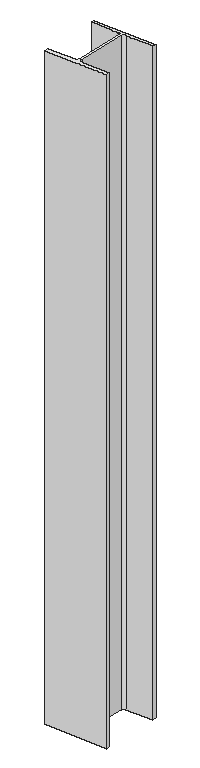
Revit family "UC-Universal Columns-Column", category 구조 기둥, Revit 2026
Family settings
  단면 모양 = 정의되지 않음
  모델 동작 재료 = 스틸
  항상 형상으로 내보내기 = 아니오
  평면의 보 전환 = 경계 상자에서
  로드될 때 보이드를 사용하여 절단 = 아니오
  기호 표현 = 프로젝트 설정에서
  공유 = 아니오
  평면도에서 미리 절단된 패밀리 표시 = 예
Parameters (values of type "UC254x254x73")
  Assembly Code = ""
  Structural Material [instance] = Metal - Steel - 345 MPa
  A = 0.009 m²
  W = 0.71687
  bf = 254 mm
  d = 254 mm
  k = 26.9 mm
  kr = k - tf  # 12.7 mm
  tf = 14.2 mm
  tw = 8.6 mm
Reference planes
  plane 1: y = 0
  plane 2: z = 0
  plane 3: x = 0
  plane 4: x = -127
  plane 5: x = 127
  plane 6: y = 127
  plane 7: y = -127
  plane 8: x = -3.969
  plane 9: x = 3.969
Forms (mm)
  Extrusion 1, solid, material "Metal - Steel - 345 MPa" <- "Structural Material", detail levels medium
    sketch origin (0, 0, 0) x (1, 0, 0) y (0, 1, 0)
      loop
        line (-127, 127) -> (-127, 112.8) -> (-4.3, 112.8) -> (-4.3, -112.8) -> (-127, -112.8) -> (-127, -127) -> (127, -127) -> (127, -112.8) -> (4.3, -112.8) -> (4.3, 112.8) -> (127, 112.8) -> (127, 127) -> (-127, 127)
    from 0 to 2500
  Extrusion 2, solid, material "Metal - Steel - 345 MPa" <- "Structural Material", detail levels fine
    sketch origin (0, 0, 0) x (1, 0, 0) y (0, 1, 0)
      loop
        line (-127, 127) -> (-127, 112.8) -> (-17, 112.8)
        arc (-17, 112.8) -> (-8.02, 109.08) -> (-4.3, 100.1) r 12.7
        line (-4.3, 100.1) -> (-4.3, -100.1)
        arc (-4.3, -100.1) -> (-8.02, -109.08) -> (-17, -112.8) r 12.7
        line (-17, -112.8) -> (-127, -112.8) -> (-127, -127) -> (127, -127) -> (127, -112.8) -> (17, -112.8)
        arc (17, -112.8) -> (8.02, -109.08) -> (4.3, -100.1) r 12.7
        line (4.3, -100.1) -> (4.3, 100.1)
        arc (4.3, 100.1) -> (8.02, 109.08) -> (17, 112.8) r 12.7
        line (17, 112.8) -> (127, 112.8) -> (127, 127) -> (-127, 127)
    from 0 to 2500
Lines and regions (mm)
  symbolic lines, style "StructuralColumnStickSymbols", detail levels coarse
    curve 1: line (-127, 127, 0) -> (127, 127, 0)
    curve 2: line (-127, -127, 0) -> (127, -127, 0)
    curve 3: line (0, 127, 0) -> (0, -127, 0)
  symbolic lines, style "Hidden Faces", detail levels medium+fine
    curve 4: line (-3.969, 0, 0) -> (-3.969, 0, 2500)
    curve 5: line (3.969, 0, 2500) -> (3.969, 0, 0)
Dimensions and locks
  equal spacing: plane 4, plane 3, plane 5
  equal spacing: plane 7, plane 1, plane 6
  "d": plane 7 to plane 6
  "bf": plane 4 to plane 5
  "tf": plane 7 to Extrusion 1 sketch curve
  "tf": Extrusion 1 sketch curve to plane 6
  equal spacing: Extrusion 1 sketch curve, plane 3, Extrusion 1 sketch curve
  "tw": Extrusion 1 sketch curve to Extrusion 1 sketch curve
  "kr": radius of Extrusion 2 sketch curve  (x4)
  aligned and locked: plane 6 to Extrusion 1 sketch curve
  aligned and locked: Extrusion 1 sketch curve to plane 7
  aligned and locked: Extrusion 1 sketch curve to plane 4  (x2)
  aligned and locked: plane 5 to Extrusion 1 sketch curve  (x2)
  aligned and locked: Extrusion 1 sketch curve to Extrusion 1 sketch curve  (x2)
  aligned and locked: level to Extrusion 1
  aligned and locked: level to plane 2
  aligned and locked: Extrusion 1 to plane 2
  aligned and locked: plane 6 to Extrusion 2 sketch curve
  aligned and locked: plane 5 to Extrusion 2 sketch curve  (x2)
  aligned and locked: Extrusion 2 sketch curve to plane 4  (x2)
  aligned and locked: Extrusion 2 sketch curve to Extrusion 1  (x6)
  aligned and locked: Extrusion 2 sketch curve to plane 7
  aligned and locked: level to Extrusion 2
  aligned and locked: Extrusion 2 to level
Automatic sketch dimensions
  curve 2 to plane 4 = 0 mm
  curve 1 to plane 4 = 0 mm
  curve 3 to plane 3 = 0 mm
  curve 2 to plane 5 = 0 mm
  curve 1 to plane 5 = 0 mm
  curve 3 to plane 7 = 0 mm
  curve 3 to plane 6 = 0 mm
  curve 4 to level = 0 mm  (x2)
  curve 4 to plane 8 = 0 mm
  curve 5 to level = 0 mm  (x2)
  curve 5 to plane 9 = 0 mm
